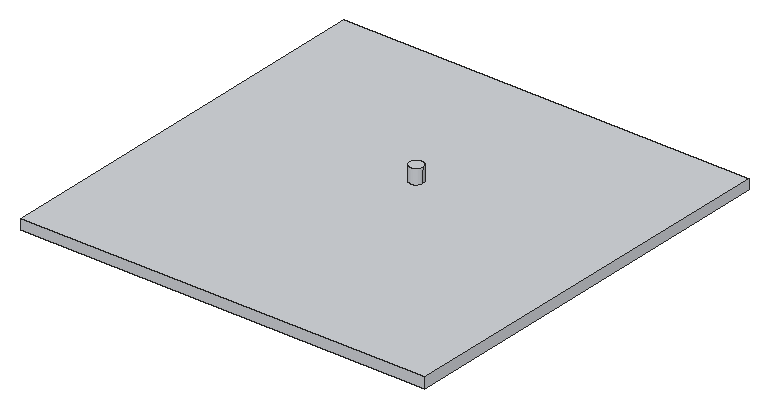
Revit family "7125000", category Aparatos sanitarios, Revit 2017
Family settings
  Anfitrión = Cara
  Cota de conector redondo = Diámetro de uso
  Tipo de pieza = Normal
  Número OmniClass = 23.45.55.14
  Título OmniClass = Single Faucets
  Corte con vacíos al cargar = No
  Compartido = No
  Punto de cálculo de habitación = No
Parameters (values of type "7125000")
  URL = "http://www.griferiasgalindo.com/lavabo/albos/grifo-de-lavabo-albos?c=es"
  Teléfono = "(+34) 915 782 575"
  TIPO DE AGUA = "Fria/Caliente"
  REFERENCIA = "7125000"
  Presión Máxima = "8 bar"
  PESO BRUTO = "0.99 Kg"
  Modelo = "GRIFO DE LAVABO"
  Material = LATON CROMADO
  Imagen de tipo = <Ninguno>
  Fabricante = "PRESTO IBÉRICA"
  Default Elevation = 1219.2 mm
  ENTRADA = "Latiguillos de 3/8\""
  Descripción = "Monomando lavabo"
  Código de montaje = "C1030220"
  Contacto = "info@prestoiberica.com"
  Conexión AF = yes
  Conexión AC = yes
  Comentarios de tipo = "Cartucho sellado mezclador con discos cerámicos de Ø 35 mm. Limitador de caudal y temperatura regulable. Suministrado con latiguillos flexibles de 3/8\" y longitud 35 mm."
  CIERRE = "Manual"
  CAUDAL = "13.8 l/min"
  Accionamiento = "Mediante maneta"
Reference planes
  plane 1 "Centro (Frontal/Posterior)": y = 0
  plane 2: z = 0
  plane 3 "Centro (Izquierda/Derecha)": x = 0
  plane 4 "toma": z = 8.009
Forms (mm)
  Extrusion 1, solid
    sketch origin (0, 0, 0) x (1, 0, 0) y (0, 1, 0)
      loop
        line (-100, 100) -> (-100, -100) -> (100, -100) -> (100, 100) -> (-100, 100)
    from 0 to -5
  Extrusion 2, solid
    sketch origin (0, 0, 8.009) x (0, -1, 0) y (1, 0, 0)
      loop
        circle (-8.005, 9.43) r 3.44
    from 0 to 6.765
Dimensions and locks
  Extrusion 1 sketch curve to plane 1 "Centro (Frontal/Posterior)" = 100 mm
  aligned and locked: plane 2 to Extrusion 1
  aligned and locked: level to Extrusion 1
Connectors
  piping at (9.43, 8.005, 8.009), diameter 9.5
    settings: on Extrusion 2, index 1, connector inside diameter 609.6 mm, connector length 0 mm, flow factor 0, pipe flow 0.0 L/s, pressure drop 0.0 Pa, fitting loss kfactor 0, connector angle 0.00°, fixture units 0, engagement length 0 mm, angle of deflection 0.00°, flow configuration 0, flow direction 0, fitting loss method 0, system type 7, joint type 0, gender type 0, connector reference index -1, connector utility 0, adjustable connector no, is connector primary yes, connector description ""
